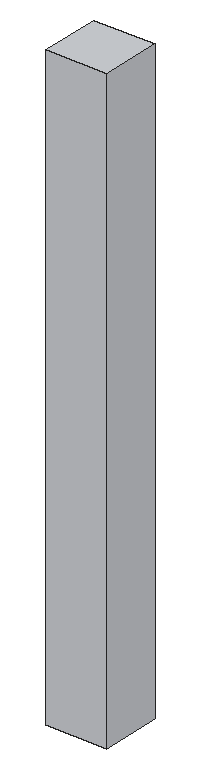
Revit family "Rectangular Column", category Columns, Revit 2015
Parameters (values of type "400x400mm")
  Depth = 400 mm
  Material = none
  Base Offset [instance] = 0 mm
  Top Offset [instance] = 0 mm
  Width = 400 mm
Reference planes
  plane 1: y = 0
  plane 2: z = 0
  plane 3: x = 0
  plane 4: z = 4000
  plane 5: z = 0
  plane 6: x = -200
  plane 7: x = 200
  plane 8: y = -200
  plane 9: y = 200
Forms (mm)
  Extrusion 1, solid, material <- "Material"
    sketch origin (0, 0, 0) x (1, 0, 0) y (0, 1, 0)
      loop
        line (-200, 200) -> (-200, -200) -> (200, -200) -> (200, 200) -> (-200, 200)
    from 0 to 4000
Dimensions and locks
  "Base Offset": plane 5 to level
  "Top Offset": level to plane 4
  equal spacing: plane 6, plane 3, plane 7
  "Width": plane 6 to plane 7
  equal spacing: plane 8, plane 1, plane 9
  "Depth": plane 8 to plane 9
  aligned and locked: plane 4 to Extrusion 1
  aligned and locked: Extrusion 1 to plane 5
Automatic sketch dimensions
  Extrusion 1 sketch curve to plane 6 = 0 mm
  Extrusion 1 sketch curve to plane 7 = 0 mm
  Extrusion 1 sketch curve to plane 8 = 0 mm
  Extrusion 1 sketch curve to plane 9 = 0 mm
